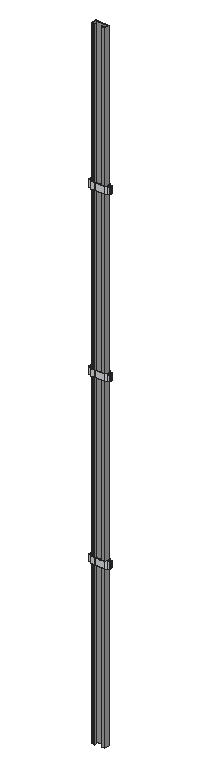
Revit family "Tubo de protección", category Equipos especializados, Revit 2017
Family settings
  Cota de conector redondo = Diámetro de uso
  Tipo de pieza = Normal
  Se basa en plano de trabajo = Sí
  Siempre vertical = Sí
  Corte con vacíos al cargar = No
  Compartido = Sí
  Punto de cálculo de habitación = No
Parameters
  URL = "https://at3w.com/"
  Referencia AT [instance] = "AT-060G"  # constant formula
  Rango de conductores - Pletina (mm) [instance] = "30 x 2 - 30 x 3,5"  # constant formula
  Peso (kg) [instance] = 1  # constant formula
  Model = ""
  Material [instance] = Acero galvanizado
  Incluye [instance] = "Abrazaderas"  # constant formula
  Fabricante = "APLICACIONES TECNOLÓGICAS"  # constant formula
  Default Elevation = 0 mm
  Dimensiones (mm) [instance] = "40 x 14 x 2000"  # constant formula
  Descripción = "Tubo de protección de acero galvanizado, de 35 x 13 mm y 2 m de longitud, para pletina de hasta 30 x 3 mm (Abrazaderas incluidas). Ref. AT-060G. NOTA: SE DEBERAN AÑADIR 2 METROS DE CONDUCTOR."  # constant formula
  Código de montaje = "2.2"
Reference planes
  plane 1 "Centro (Frontal/Posterior)": y = 0
  plane 2: z = 0
  plane 3 "Centro (Izquierda/Derecha)": x = 0
  plane 4: z = 2000
Forms (mm)
  Extrusion 1, solid, material "Acero galvanizado" <- "Material"
    sketch origin (0, 2, 0) x (1, 0, 0) y (0, 1, 0)
      loop
        line (-10, 0) -> (-10, 2) -> (-18, 2) -> (-18, 12) -> (18, 12) -> (18, 2) -> (10, 2) -> (10, 0) -> (20, 0) -> (20, 14) -> (-20, 14) -> (-20, 0) -> (-10, 0)
    from 0 to 2000
  Extrusion 2, solid
    sketch origin (0, 0, 0) x (1, 0, 0) y (0, 1, 0)
      loop
        line (-20, 2) -> (-24.243, 6.243) -> (-32.225, 6.243) -> (-32.225, 4.243) -> (-25.071, 4.243) -> (-20.828, 0) -> (20.828, 0) -> (25.071, 4.243) -> (32.225, 4.243) -> (32.225, 6.243) -> (24.243, 6.243) -> (20, 2) -> (-20, 2)
      loop
        line (-20, 16) -> (20, 16) -> (24.243, 11.757) -> (32.225, 11.757) -> (32.225, 13.757) -> (25.071, 13.757) -> (20.828, 18) -> (-20.828, 18) -> (-25.071, 13.757) -> (-32.225, 13.757) -> (-32.225, 11.757) -> (-24.243, 11.757) -> (-20, 16)
    from 500 to 520
  Extrusion 3, solid
    sketch origin (0, 0, 520) x (1, 0, 0) y (0, 1, 0)
      loop
        line (-20, 2) -> (-24.243, 6.243) -> (-32.225, 6.243) -> (-32.225, 4.243) -> (-25.071, 4.243) -> (-20.828, 0) -> (20.828, 0) -> (25.071, 4.243) -> (32.225, 4.243) -> (32.225, 6.243) -> (24.243, 6.243) -> (20, 2) -> (-20, 2)
      loop
        line (-20, 16) -> (20, 16) -> (24.243, 11.757) -> (32.225, 11.757) -> (32.225, 13.757) -> (25.071, 13.757) -> (20.828, 18) -> (-20.828, 18) -> (-25.071, 13.757) -> (-32.225, 13.757) -> (-32.225, 11.757) -> (-24.243, 11.757) -> (-20, 16)
    from 500 to 520
  Extrusion 4, solid
    sketch origin (0, 0, 1040) x (1, 0, 0) y (0, 1, 0)
      loop
        line (-20, 2) -> (-24.243, 6.243) -> (-32.225, 6.243) -> (-32.225, 4.243) -> (-25.071, 4.243) -> (-20.828, 0) -> (20.828, 0) -> (25.071, 4.243) -> (32.225, 4.243) -> (32.225, 6.243) -> (24.243, 6.243) -> (20, 2) -> (-20, 2)
      loop
        line (-20, 16) -> (20, 16) -> (24.243, 11.757) -> (32.225, 11.757) -> (32.225, 13.757) -> (25.071, 13.757) -> (20.828, 18) -> (-20.828, 18) -> (-25.071, 13.757) -> (-32.225, 13.757) -> (-32.225, 11.757) -> (-24.243, 11.757) -> (-20, 16)
    from 500 to 520
Dimensions and locks
  plane 4 to level = 2000 mm
  aligned and locked: level to plane 2
  aligned and locked: plane 4 to Extrusion 1
  aligned and locked: Extrusion 1 to level
